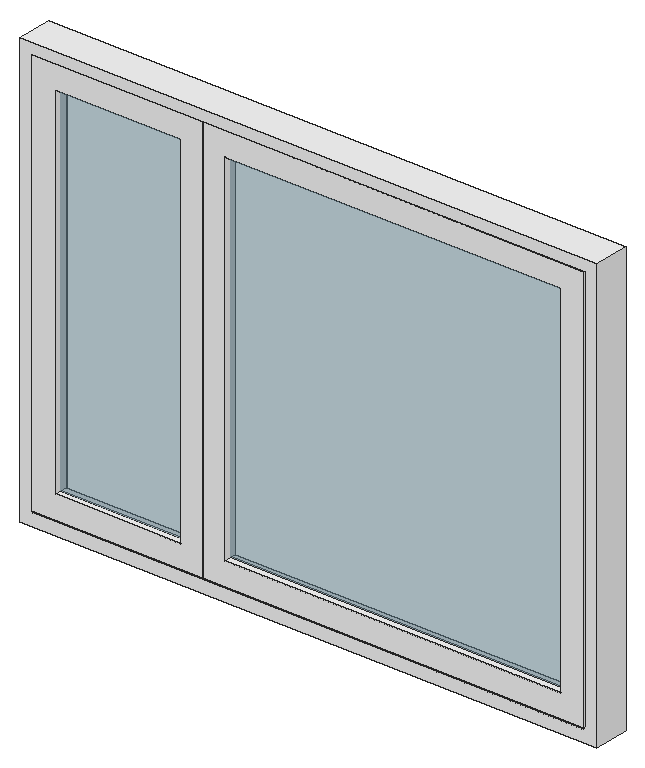
Revit family
Parameters (values of type "16 X12")
  Assembly Code = ""
  Cost = 242500
  Top Rail = 50 mm
  Stile = 50 mm
  Shutter = 합성수지
  Panel = Glass (2)
  Height = 1210 mm
  Frame Width = 50 mm
  Frame Depth = 100 mm
  Frame = 합성수지
  Default Sill Height = 0 mm
  Wall Closure = (empty or 0)
  Width = 1610 mm
  Bottom Rail = 50 mm
Types (2, lengths in mm): name | Cost | Width
  16 X12 | 242500 | 1610
  14 X 12 | 240000 | 1410
Reference planes
  plane 1: y = 5
  plane 2 "Center (Left/Right)": x = 0
  plane 3 "Left": x = -805
  plane 4 "Right": x = 805
  plane 5 "Sill": z = 0
  plane 6 "Head": z = 1210
  plane 7 "Exterior": y = 80
  plane 8 "Interior": y = -70
  plane 9: x = -755
  plane 10: x = 755
  plane 11: y = 55
  plane 12: y = -45
  plane 13: z = 1160
  plane 14: z = 50
  plane 15: x = -705
  plane 16: x = 705
  plane 17: z = 1110
  plane 18: z = 100
  plane 19: x = -50
  plane 20: x = 50
  plane 21: z = 605
Forms (mm)
  Sweep 1, solid, material "합성수지" <- "Frame"
    path origin (0, 5.744, -49.994) x (1, 0, 0) y (0, 0, 1)
      loop
        line (-650, 200) -> (650, 200) -> (650, 1100) -> (-650, 1100) -> (-650, 200)
    profile origin (0, 0, 600.006) x (-1, 0, 0) y (0, -1, 0)
      loop
        line (805, 44.256) -> (770, 44.256) -> (770, 9.256) -> (755, 9.256) -> (755, -55.744) -> (805, -55.744) -> (805, 44.256)
  Extrusion 2, solid, material "합성수지" <- "Shutter"
    sketch origin (0, -45, 0) x (1, 0, 0) y (0, 0, 1)
      loop
        line (-294.277, 35) -> (-294.277, 1175) -> (-770, 1175) -> (-770, 35) -> (-294.277, 35)
      loop
        line (-705, 1110) -> (-705, 100) -> (-355.57, 100) -> (-355.57, 1110) -> (-705, 1110)
    from 0 to -35
  Extrusion 3, solid, material "Glass (2)" <- "Panel"
    sketch origin (0, 0, 100) x (0, -1, 0) y (-1, 0, 0)
      loop
        line (25.5, 355.57) -> (29.5, 355.57) -> (29.5, 705) -> (25.5, 705) -> (25.5, 355.57)
      loop
        line (25.5, 232.396) -> (25.5, -705) -> (29.5, -705) -> (29.5, 232.396) -> (25.5, 232.396)
    from 0 to -1010
  Extrusion 4, solid, material "합성수지" <- "Shutter"
    sketch origin (0, -45, 0) x (-1, 0, 0) y (0, 0, -1)
      loop
        line (294.277, -35) -> (-770, -35) -> (-770, -1175) -> (294.277, -1175) -> (294.277, -35)
      loop
        line (-705, -1110) -> (232.396, -1110) -> (232.396, -100) -> (-705, -100) -> (-705, -1110)
    from 0 to -35
Lines and regions (mm)
  Opening 1
    outline origin (3500, -70, 0) x (1, 0, 0) y (0, 0, 1)
      loop
        line (-2695, 0) -> (-2695, 1210) -> (-4305, 1210) -> (-4305, 0) -> (-2695, 0)
  symbolic lines, style "WindowsFrameMullionProjection", detail levels medium+fine
    curve 1: line (-805, 55.744, 0) -> (-755, 55.744, 0)
    curve 2: line (-755, 55.744, 0) -> (-755, -15, 0)
    curve 3: line (-770, -15, 0) -> (-755, -15, 0)
    curve 4: line (-770, -15, 0) -> (-770, -45, 0)
    curve 5: line (-805, -45, 0) -> (-770, -45, 0)
    curve 6: line (805, 55.744, 0) -> (755, 55.744, 0)
    curve 7: line (755, 55.744, 0) -> (755, -14.256, 0)
    curve 8: line (755, -9.256, 0) -> (770, -9.256, 0)
    curve 9: line (770, -9.256, 0) -> (770, -44.256, 0)
    curve 10: line (770, -44.256, 0) -> (805, -44.256, 0)
    curve 11: line (805, -44.256, 0) -> (805, 55.744, 0)
    curve 13: line (-805, 55.744, 0) -> (-805, -45, 0)
  symbolic lines, style "Plan Swing"
    curve 12: line (-770, -45, 0) -> (770, -44.256, 0)
  symbolic lines, style "WindowsFrameMullionProjection", detail levels coarse
    curve 14: line (-770, -45, 0) -> (-805, -45, 0)
    curve 15: line (-770, 55.744, 0) -> (-770, -45, 0)
    curve 16: line (-805, 55.744, 0) -> (-770, 55.744, 0)
    curve 17: line (-805, -45, 0) -> (-805, 55.744, 0)
    curve 18: line (770, -44.256, 0) -> (805, -44.256, 0)
    curve 19: line (770, 55.744, 0) -> (770, -44.256, 0)
    curve 20: line (805, 55.744, 0) -> (770, 55.744, 0)
    curve 21: line (805, -44.256, 0) -> (805, 55.744, 0)
  symbolic lines, style "Elevation Swing Coarse", detail levels coarse
    curve 22: line (755, 0, 605) -> (0, 0, 1005)
    curve 23: line (755, 0, 605) -> (0, 0, 95)
    curve 24: line (0, 0, 1005) -> (-755, 0, 605)
    curve 25: line (0, 0, 95) -> (-755, 0, 605)
  symbolic lines, style "Plan Swing", detail levels coarse
    curve 26: line (-770, -9.256, 0) -> (770, -9.256, 0)
  symbolic lines, style "Elevation Swing Medium", detail levels medium
    curve 27: line (755, 0, 605) -> (0, 0, 1005)
    curve 28: line (755, 0, 605) -> (0, 0, 95)
    curve 29: line (0, 0, 1005) -> (-755, 0, 605)
    curve 30: line (0, 0, 95) -> (-755, 0, 605)
  symbolic lines, style "Elevation Swing Fine", detail levels fine
    curve 31: line (755, 0, 605) -> (0, 0, 1005)
    curve 32: line (755, 0, 605) -> (0, 0, 95)
    curve 33: line (0, 0, 1005) -> (-755, 0, 605)
    curve 34: line (0, 0, 95) -> (-755, 0, 605)
Text (mm)
  text "EXTERIOR" at (-1963.203, 1332.353, 0), in view "Ref. Level"
  text "INTERIOR" at (-1981.466, -818.386, 0), in view "Ref. Level"
  text "Exterior" at (0, 923.751, 2943.296), in view "Right"
  text "Exterior" at (0, 1040.484, 2685.409), in view "Left"
Dimensions and locks
  equal spacing: plane 3 "Left", plane 2 "Center (Left/Right)", plane 4 "Right"
  "Width": plane 3 "Left" to plane 4 "Right"
  "Height": plane 5 "Sill" to plane 6 "Head"
  "Default Sill Height": plane 5 "Sill" to level
  locked: plane 7 "Exterior" to host wall at 0
  locked: plane 8 "Interior" to host wall
  locked: Sweep 1 sketch curve to Sweep 1 sketch curve at 15
  locked: Sweep 1 sketch curve to Sweep 1 sketch curve at 35
  "Frame Width": plane 3 "Left" to plane 9
  "Frame Width": plane 10 to plane 4 "Right"
  equal spacing: plane 12, plane 1, plane 11
  "Frame Depth": plane 12 to plane 11
  "Frame Width": plane 6 "Head" to plane 13
  "Frame Width": plane 14 to plane 5 "Sill"
  "Stile": plane 15 to plane 9
  "Stile": plane 10 to plane 16
  "Stile": plane 2 "Center (Left/Right)" to plane 19
  "Stile": plane 20 to plane 2 "Center (Left/Right)"
  "Top Rail": plane 13 to plane 17
  "Bottom Rail": plane 18 to plane 14
  equal spacing: plane 6 "Head", plane 21, plane 5 "Sill"
  equal spacing: plane 8 "Interior", plane 1, plane 7 "Exterior"
  aligned and locked: Sweep 1 sketch curve to plane 3 "Left"
  aligned and locked: plane 9 to Sweep 1 sketch curve
  aligned and locked: plane 15 to Extrusion 2 sketch curve
  aligned and locked: plane 17 to Extrusion 2 sketch curve
  aligned and locked: plane 18 to Extrusion 2 sketch curve
  aligned and locked: curve 1 to Sweep 1  (x2)
  aligned and locked: curve 2 to Sweep 1
  aligned and locked: curve 3 to Sweep 1
  aligned and locked: Sweep 1 to curve 5
  aligned and locked: Sweep 1 to curve 6
  aligned and locked: curve 7 to Sweep 1
  aligned and locked: curve 7 to curve 8
  aligned and locked: Sweep 1 to curve 8
  aligned and locked: Sweep 1 to curve 9
  aligned and locked: curve 13 to curve 1
  aligned and locked: curve 13 to curve 5
  aligned and locked: plane 3 "Left" to curve 13
  aligned and locked: curve 21 to Sweep 1  (x2)
  aligned and locked: curve 26 to Sweep 1
  aligned: Extrusion 3 to Extrusion 2  (x3)
  aligned: Extrusion 3 to Extrusion 4
Automatic sketch dimensions
  plane 10 to curve 8 = 15 mm
  curve 3 to curve 26 = 5.744 mm
  curve 7 to curve 8 = 5 mm
  curve 29 to plane 2 "Center (Left/Right)" = 0 mm
  curve 24 to plane 9 = 0 mm
  curve 24 to plane 21 = 0 mm
  curve 27 to plane 10 = 0 mm
  curve 27 to plane 21 = 0 mm
  curve 32 to plane 2 "Center (Left/Right)" = 0 mm
  curve 33 to plane 21 = 400 mm
  plane 21 to curve 32 = 510 mm
  Opening 1 sketch curve to level = 0 mm
  Opening 1 sketch curve to plane 3 "Left" = 0 mm
  Opening 1 sketch curve to plane 4 "Right" = 0 mm
  Opening 1 sketch curve to plane 6 "Head" = 0 mm
  plane 15 to Sweep 1 sketch curve = 55 mm
  Sweep 1 sketch curve to plane 16 = 55 mm
  Sweep 1 sketch curve to plane 18 = 50.006 mm
  plane 17 to Sweep 1 sketch curve = 59.994 mm
  Sweep 1 sketch curve to Sweep 1 sketch curve = 65 mm
  Extrusion 2 sketch curve to plane 2 "Center (Left/Right)" = 294.277 mm
  Extrusion 2 sketch curve to plane 9 = 15 mm
  plane 14 to Extrusion 2 sketch curve = 15 mm
  Extrusion 2 sketch curve to plane 13 = 15 mm
  Extrusion 3 sketch curve to plane 19 = 305.57 mm
  Extrusion 3 sketch curve to plane 20 = 282.396 mm
  Extrusion 3 sketch curve to plane 16 = 0 mm
  Extrusion 3 sketch curve to plane 12 = 19.5 mm  (x2)
  Extrusion 3 sketch curve to Extrusion 3 sketch curve = 4 mm  (x2)
  Extrusion 4 sketch curve to plane 16 = 0 mm
  Extrusion 4 sketch curve to plane 17 = 0 mm
  Extrusion 4 sketch curve to plane 20 = 282.396 mm
  Extrusion 4 sketch curve to plane 2 "Center (Left/Right)" = 294.277 mm
  Extrusion 4 sketch curve to plane 18 = 0 mm
  plane 10 to Extrusion 4 sketch curve = 15 mm
  Extrusion 4 sketch curve to plane 13 = 15 mm
  plane 14 to Extrusion 4 sketch curve = 15 mm
  curve 12 to plane 12 = 0 mm
  Extrusion 2 sketch curve to plane 19 = 305.57 mm
